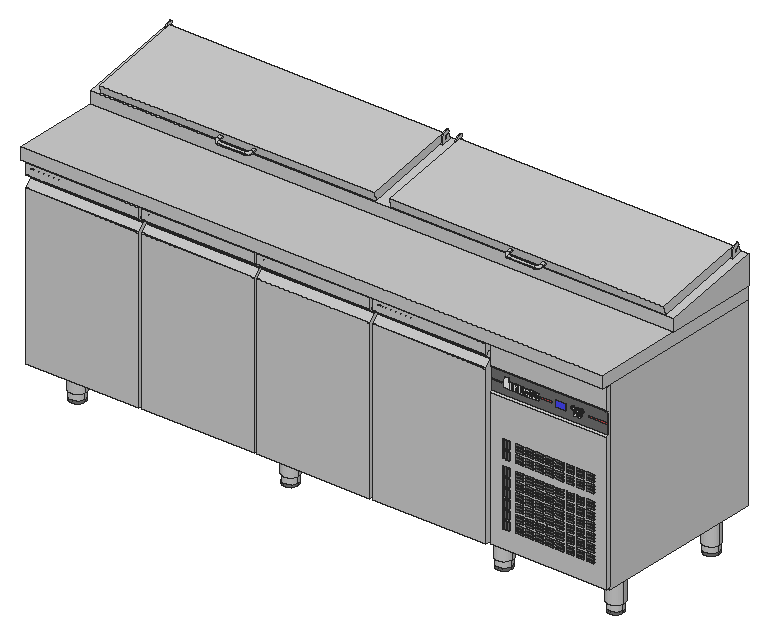
Revit family "QF_INOMAK_ZPZP9999_250612094629", category Specialty Equipment, Revit 2021 (continued)
Definition of nested family "QF_INOMAK_REF_SALADETTE_WORKTOPS_PS_2242_7164"
  Automatic sketch dimensions
    curve 27 to curve 26 = 0.014 mm
    curve 14 to curve 13 = 0.014 mm
    curve 6 to curve 5 = 0.014 mm
    curve 23 to curve 22 = 0.014 mm
    plane 17 "Y" to curve 18 = 69 mm
    curve 19 to curve 22 = 7.345 mm
    curve 20 to plane 17 "Y" = 51.651 mm
    curve 27 to curve 26 = 0.005 mm
    curve 11 to plane 14 "X" = 69 mm
    curve 12 to curve 13 = 7.345 mm
    plane 14 "X" to curve 10 = 51.651 mm
    curve 10 to curve 9 = 0.005 mm
    Extrusion 5 sketch curve to plane 7 "Backsplash thickness" = 5.591 mm
    plane 6 "Top" to Extrusion 5 sketch curve = 128.378 mm
    Extrusion 5 sketch curve to Extrusion 5 sketch curve = 0.178 mm
    Extrusion 5 sketch curve to Extrusion 5 sketch curve = 58.621 mm
    Extrusion 5 sketch curve to Extrusion 5 sketch curve = 335.257 mm
    Extrusion 5 sketch curve to Extrusion 5 sketch curve = 51.167 mm
    plane 1 "Back" to Extrusion 6 sketch curve = 7.598 mm
    plane 6 "Top" to Extrusion 6 sketch curve = 110.586 mm
    Extrusion 6 sketch curve to Extrusion 6 sketch curve = 3.554 mm
    Extrusion 6 sketch curve to Extrusion 6 sketch curve = 1.264 mm
    Extrusion 6 sketch curve to Extrusion 6 sketch curve = 1.777 mm
    Extrusion 6 sketch curve to Extrusion 6 sketch curve = 7.197 mm
    Extrusion 6 sketch curve to Extrusion 6 sketch curve = 7.823 mm
    Extrusion 6 sketch curve to Extrusion 6 sketch curve = 2.645 mm
    Extrusion 6 sketch curve to Extrusion 6 sketch curve = 0.755 mm
    Extrusion 6 sketch curve to Extrusion 6 sketch curve = 2.315 mm  (x2)
    Extrusion 6 sketch curve to Extrusion 6 sketch curve = 3.816 mm
    Extrusion 6 sketch curve to Extrusion 6 sketch curve = 0.611 mm
    Extrusion 6 sketch curve to Extrusion 6 sketch curve = 13.256 mm
    Extrusion 6 sketch curve to Extrusion 6 sketch curve = 6.19 mm
    Extrusion 6 sketch curve to Extrusion 6 sketch curve = 7.323 mm
    Extrusion 6 sketch curve to Extrusion 6 sketch curve = 2.33 mm
    Extrusion 6 sketch curve to Extrusion 6 sketch curve = 6.224 mm
    Extrusion 6 sketch curve to Extrusion 6 sketch curve = 4.347 mm
    Extrusion 6 sketch curve to Extrusion 6 sketch curve = 3.323 mm
    Extrusion 6 sketch curve to Extrusion 6 sketch curve = 7 mm
    Extrusion 6 sketch curve to Extrusion 6 sketch curve = 3.385 mm
    Extrusion 6 sketch curve to Extrusion 6 sketch curve = 0.418 mm
    Extrusion 6 sketch curve to Extrusion 6 sketch curve = 4.182 mm
    Extrusion 6 sketch curve to Extrusion 6 sketch curve = 2.475 mm
    Extrusion 7 sketch curve to plane 7 "Backsplash thickness" = 0.33 mm
    plane 6 "Top" to Extrusion 7 sketch curve = 108.216 mm
    Extrusion 7 sketch curve to Extrusion 7 sketch curve = 5.33 mm
    Extrusion 7 sketch curve to Extrusion 7 sketch curve = 335.08 mm
    Extrusion 7 sketch curve to Extrusion 7 sketch curve = 29.523 mm
    plane 7 "Backsplash thickness" to Extrusion 9 sketch curve = 21.954 mm
    Extrusion 9 sketch curve to plane 6 "Top" = 123.948 mm
    Extrusion 9 sketch curve to Extrusion 9 sketch curve = 13.256 mm
    Extrusion 9 sketch curve to Extrusion 9 sketch curve = 3.146 mm
    Extrusion 9 sketch curve to Extrusion 9 sketch curve = 0.611 mm
    Extrusion 9 sketch curve to Extrusion 9 sketch curve = 3.816 mm
    Extrusion 9 sketch curve to Extrusion 9 sketch curve = 2.315 mm  (x2)
    Extrusion 9 sketch curve to Extrusion 9 sketch curve = 4.487 mm
    Extrusion 9 sketch curve to Extrusion 9 sketch curve = 2.645 mm
    Extrusion 9 sketch curve to Extrusion 9 sketch curve = 6.801 mm
    Extrusion 9 sketch curve to Extrusion 9 sketch curve = 7.823 mm
    Extrusion 9 sketch curve to Extrusion 9 sketch curve = 1.264 mm
    Extrusion 9 sketch curve to Extrusion 9 sketch curve = 10.751 mm
    Extrusion 9 sketch curve to Extrusion 9 sketch curve = 3.894 mm
    Extrusion 9 sketch curve to Extrusion 9 sketch curve = 2.33 mm
    Extrusion 9 sketch curve to Extrusion 9 sketch curve = 9.653 mm
    Extrusion 9 sketch curve to Extrusion 9 sketch curve = 13.513 mm
    Extrusion 9 sketch curve to Extrusion 9 sketch curve = 4.347 mm
    Extrusion 9 sketch curve to Extrusion 9 sketch curve = 3.323 mm
    Extrusion 9 sketch curve to Extrusion 9 sketch curve = 7 mm
    Extrusion 9 sketch curve to Extrusion 9 sketch curve = 3.385 mm
    Extrusion 9 sketch curve to Extrusion 9 sketch curve = 0.418 mm
    Extrusion 9 sketch curve to Extrusion 9 sketch curve = 4.182 mm
    Extrusion 9 sketch curve to Extrusion 9 sketch curve = 2.475 mm
    plane 12 to Extrusion 10 sketch curve = 0.569 mm
    Extrusion 10 sketch curve to plane 6 "Top" = 75.409 mm
    Extrusion 10 sketch curve to Extrusion 10 sketch curve = 276.459 mm
    Extrusion 10 sketch curve to Extrusion 10 sketch curve = 58.621 mm
    Extrusion 10 sketch curve to Extrusion 10 sketch curve = 0.178 mm
    Extrusion 10 sketch curve to Extrusion 10 sketch curve = 51.167 mm
    plane 1 "Back" to Extrusion 11 sketch curve = 7.598 mm
    plane 6 "Top" to Extrusion 11 sketch curve = 110.586 mm
    Extrusion 11 sketch curve to Extrusion 11 sketch curve = 3.554 mm
    Extrusion 11 sketch curve to Extrusion 11 sketch curve = 1.264 mm
    Extrusion 11 sketch curve to Extrusion 11 sketch curve = 1.777 mm
    Extrusion 11 sketch curve to Extrusion 11 sketch curve = 7.197 mm
    Extrusion 11 sketch curve to Extrusion 11 sketch curve = 7.823 mm
    Extrusion 11 sketch curve to Extrusion 11 sketch curve = 2.645 mm
    Extrusion 11 sketch curve to Extrusion 11 sketch curve = 0.755 mm
    Extrusion 11 sketch curve to Extrusion 11 sketch curve = 2.315 mm  (x2)
    Extrusion 11 sketch curve to Extrusion 11 sketch curve = 3.816 mm
    Extrusion 11 sketch curve to Extrusion 11 sketch curve = 0.611 mm
    Extrusion 11 sketch curve to Extrusion 11 sketch curve = 13.256 mm
    Extrusion 11 sketch curve to Extrusion 11 sketch curve = 7.323 mm
    Extrusion 11 sketch curve to Extrusion 11 sketch curve = 2.33 mm
    Extrusion 11 sketch curve to Extrusion 11 sketch curve = 6.224 mm
    Extrusion 11 sketch curve to Extrusion 11 sketch curve = 4.347 mm
    Extrusion 11 sketch curve to Extrusion 11 sketch curve = 3.323 mm
    Extrusion 11 sketch curve to Extrusion 11 sketch curve = 5.682 mm
    Extrusion 11 sketch curve to Extrusion 11 sketch curve = 7 mm
    Extrusion 11 sketch curve to Extrusion 11 sketch curve = 3.385 mm
    Extrusion 11 sketch curve to Extrusion 11 sketch curve = 0.418 mm
    Extrusion 11 sketch curve to Extrusion 11 sketch curve = 4.182 mm
    Extrusion 11 sketch curve to Extrusion 11 sketch curve = 2.475 mm
    Masking region 1 sketch curve to plane 3 "Left" = 0 mm
    Masking region 1 sketch curve to plane 5 "Front" = 0 mm
    plane 1 "Back" to Masking region 1 sketch curve = 0 mm
    Masking region 1 sketch curve to plane 4 "Right" = 0 mm
    profile plane to Sweep 3 sketch curve = 0 mm
    Sweep 3 sketch curve to profile plane = 0 mm
    profile plane to Sweep 8 sketch curve = 0 mm  (x2)
    plane 12 to curve 32 = 2.176 mm
    curve 32 to plane 12 = 37.149 mm
    curve 32 to curve 32 = 7.319 mm
    curve 32 to Sweep 3 sketch curve = 51.518 mm
    Sweep 3 sketch curve to curve 32 = 25 mm
    Sweep 3 sketch curve to curve 32 = 51.518 mm
    Sweep 3 sketch curve to Sweep 3 sketch curve = 0 mm
    Sweep 3 sketch curve to Sweep 3 sketch curve = 12.482 mm
    Sweep 3 sketch curve to Sweep 3 sketch curve = 15 mm  (x2)
    curve 33 to Sweep 8 sketch curve = 51.518 mm
    Sweep 8 sketch curve to curve 33 = 22.594 mm
    Sweep 8 sketch curve to curve 33 = 51.518 mm
    Sweep 8 sketch curve to Sweep 8 sketch curve = 0 mm
    Sweep 8 sketch curve to Sweep 8 sketch curve = 12.482 mm
    Sweep 8 sketch curve to Sweep 8 sketch curve = 15 mm  (x2)
    curve 33 to plane 12 = 2.176 mm
    curve 33 to plane 6 "Top" = 53.784 mm
    plane 12 to curve 33 = 34.783 mm
    curve 33 to curve 33 = 6.879 mm
    radius of Sweep 3 sketch curve = 5 mm
    radius of Sweep 8 sketch curve = 5 mm
  Nested families
    nested 1: "Worktop" at (0, 0, 0), Length Actual <- "Length Actual", Depth Actual <- "Depth Actual", Height AFF <- "Height AFF", Worktop thickness <- "Worktop thickness", type "without backsplash"
      with Worktop thickness 46 mm, Length Actual 2242 mm, Height AFF 0 mm, Depth Actual 700 mm, Backsplash thickness 20 mm, Backsplash height 0 mm
  Definition of nested family "Worktop"
    Parameters (values of type "without backsplash")
      Worktop without backsplash = yes
      Worktop with backsplash = no
      Worktop thickness [instance] = 40 mm
      Without worktop = no
      URL = ""
      Model = ""
      Manufacturer = ""
      Length Actual [instance] = 1200 mm
      Height AFF [instance] = 860 mm
      Finish = none
      Description = "TABLE WITH BACKSPLASH"
      Depth Actual [instance] = 700 mm
      Default Elevation = 0 mm
      Backsplash thickness [instance] = 20 mm
      Backsplash height [instance] = 100 mm
      Assembly Code = "E1090320"
    Reference planes
      plane 1 "Back": y = 0
      plane 2: z = 0
      plane 3 "Left": x = 0
      plane 4 "Right": x = 1200
      plane 5 "Front": y = -700
      plane 6 "Top": z = 900
      plane 7 "Backsplash thickness": y = -20
      plane 8 "Worktop bottom": z = 860
      plane 9 "Upright height": z = 1000
      plane 10 "Center Left Right": x = 600
    Forms (mm)
      Extrusion 1, solid, material <- "Finish", visible <- "Worktop with backsplash"
        sketch origin (0, 0, 0) x (0, 1, 0) y (0, 0, 1)
          loop
            line (0, 1000) -> (-20, 1000) -> (-20, 910)
            arc (-20, 910) -> (-22.929, 902.929) -> (-30, 900) r 10
            line (-30, 900) -> (-700, 900) -> (-700, 860) -> (0, 860) -> (0, 1000)
        from 0 to 1200
      Extrusion 2, solid, material <- "Finish", visible <- "Worktop without backsplash"
        sketch origin (0, 0, 0) x (0, 1, 0) y (0, 0, 1)
          loop
            line (0, 860) -> (0, 900) -> (-700, 900) -> (-700, 860) -> (0, 860)
        from 0 to 1200
    Lines and regions (mm)
      Masking region 1, visible <- "Worktop with backsplash"
        outline origin (0, 0, 900) x (0, 1, 0) y (-1, 0, 0)
          loop
            line (0, 0) -> (-700, 0) -> (-700, -1200) -> (0, -1200) -> (0, 0)
      Masking region 2, visible <- "Worktop without backsplash"
        outline origin (0, 0, 900) x (0, 1, 0) y (-1, 0, 0)
          loop
            line (0, 0) -> (-700, 0) -> (-700, -1200) -> (0, -1200) -> (0, 0)
      symbolic lines, visible <- "Worktop with backsplash"
        curve 1: line (0, 0, 0) -> (1200, 0, 0)
        curve 2: line (1200, 0, 0) -> (1200, -700, 0)
        curve 3: line (1200, -700, 0) -> (0, -700, 0)
        curve 4: line (0, -700, 0) -> (0, 0, 0)
        curve 5: line (0, -20, 0) -> (1200, -20, 0)
      symbolic lines, visible <- "Worktop without backsplash"
        curve 6: line (0, 0, 0) -> (1200, 0, 0)
        curve 7: line (1200, 0, 0) -> (1200, -700, 0)
        curve 8: line (1200, -700, 0) -> (0, -700, 0)
        curve 9: line (0, -700, 0) -> (0, 0, 0)
      symbolic lines, visible <- "Without worktop"
        curve 10: line (0, 0, 0) -> (1200, 0, 0)
        curve 11: line (1200, 0, 0) -> (1200, -700, 0)
        curve 12: line (1200, -700, 0) -> (0, -700, 0)
        curve 13: line (0, -700, 0) -> (0, 0, 0)
      reference lines
        curve 14: line (600, 0, 1000) -> (600, -20, 1000)
        curve 15: line (0, -700, 900) -> (1200, -700, 900)
        curve 16: line (1200, -700, 900) -> (1200, 0, 900)
        curve 17: line (0, -700, 900) -> (0, 0, 900)
        curve 18: line (0, 0, 900) -> (1200, 0, 900)
        curve 19: line (600, 0, 860) -> (600, -700, 860)
    Dimensions and locks
      "Length Actual": plane 3 "Left" to plane 4 "Right"
      "Depth Actual": plane 5 "Front" to plane 1 "Back"
      "Backsplash thickness": plane 7 "Backsplash thickness" to plane 1 "Back"
      "Worktop thickness": plane 6 "Top" to plane 8 "Worktop bottom"
      "Backsplash height": plane 9 "Upright height" to plane 6 "Top"
      "Backsplash height": curve 14 to plane 6 "Top"
      "Depth Actual": curve 15 to plane 1 "Back"
      "Length Actual": plane 3 "Left" to curve 16
      "Length Actual": curve 17 to plane 4 "Right"
      "Depth Actual": curve 18 to plane 5 "Front"
      equal spacing: plane 3 "Left", plane 10 "Center Left Right", plane 4 "Right"
      "Height AFF": plane 8 "Worktop bottom" to plane 2
      "Height AFF": curve 19 to plane 2
      aligned and locked: level to plane 2
      aligned and locked: Extrusion 1 to plane 4 "Right"
      aligned and locked: Extrusion 1 sketch curve to plane 7 "Backsplash thickness"
      aligned and locked: curve 5 to plane 7 "Backsplash thickness"
      aligned and locked: Extrusion 1 sketch curve to plane 8 "Worktop bottom"
      aligned and locked: plane 9 "Upright height" to Extrusion 1 sketch curve
      aligned and locked: plane 6 "Top" to Extrusion 1 sketch curve
      aligned and locked: plane 6 "Top" to Extrusion 2 sketch curve
      aligned and locked: Extrusion 2 sketch curve to plane 1 "Back"
      aligned and locked: Extrusion 2 sketch curve to plane 8 "Worktop bottom"
      aligned and locked: Extrusion 2 sketch curve to plane 5 "Front"
      aligned and locked: Extrusion 2 to plane 4 "Right"
      aligned and locked: Masking region 1 sketch curve to Extrusion 1  (x4)
      aligned and locked: Masking region 2 sketch curve to Extrusion 1  (x4)
    Automatic sketch dimensions
      plane 1 "Back" to curve 1 = 0 mm
      curve 13 to plane 3 "Left" = 0 mm
      curve 7 to plane 4 "Right" = 0 mm
      curve 13 to plane 5 "Front" = 0 mm
      Extrusion 1 sketch curve to plane 1 "Back" = 0 mm
      Extrusion 1 sketch curve to Extrusion 1 sketch curve = 10 mm
      Extrusion 1 sketch curve to plane 5 "Front" = 0 mm
      curve 19 to plane 1 "Back" = 0 mm
      curve 14 to plane 1 "Back" = 0 mm
      curve 14 to plane 7 "Backsplash thickness" = 0 mm
      curve 19 to plane 5 "Front" = 0 mm
      curve 16 to plane 5 "Front" = 0 mm
      curve 17 to plane 5 "Front" = 0 mm
      plane 1 "Back" to curve 17 = 0 mm
      plane 1 "Back" to curve 16 = 0 mm
      curve 15 to plane 4 "Right" = 0 mm
      curve 18 to plane 4 "Right" = 0 mm
      curve 18 to plane 3 "Left" = 0 mm
      curve 15 to plane 3 "Left" = 0 mm
Definition of nested family "QF_INOMAK_REF_COUNTERS_LEGS_9302"
  Parameters (values of type "LG-1790-700")
    Weight [instance] = 0.00 kg
    Warranty Start Date [instance] = ""
    Warranty Duration [instance] = ""
    URL Cutsheet [instance] = ""
    URL = "www.inomak.com"
    Technical Documentation [instance] = ""
    Tag Number [instance] = ""
    Status [instance] = ""
    Specification by User [instance] = ""
    Specification by Manufacturer [instance] = ""
    Sound Level [instance] = ""
    Solid Fuel Type [instance] = ""
    Show Logo [instance] = yes
    Show Clearances [instance] = yes
    Service Life Duration [instance] = ""
    Serial Number [instance] = ""
    Seismic Rating [instance] = ""
    SMACNA No [instance] = ""
    Revision Code [instance] = ""
    Revision [instance] = ""
    Production Year [instance] = ""
    Point Load [instance] = 0
    Other Equipment Approvals [instance] = ""
    NAFEM Spec ID Number [instance] = ""
    Model Warning [instance] = ""
    Model = "LG"
    Masterspec [instance] = ""
    Manufacturer = "INOMAK"
    Length Actual [instance] = 1792 mm
    Legs inset right [instance] = 70 mm
    Legs inset rear [instance] = 90 mm
    Legs inset left [instance] = 100 mm
    Legs inset front [instance] = 150 mm
    Item Number [instance] = ""
    Installed By [instance] = ""
    Installation Date [instance] = ""
    Identify Quantity as Lot [instance] = yes
    ID [instance] = ""
    Hygiene Approval [instance] = ""
    Height Actual [instance] = 144 mm
    Furnished By [instance] = ""
    Foodservice Equipment Identifier [instance] = yes
    ETL Approved [instance] = yes
    Description = "STANDARD LEGS"
    Depth Actual [instance] = 700 mm
    Default Elevation = 0 mm
    CentralLegs [instance] = if(Length Actual > 2000 mm, 2 > 1, 2 < 1)  # no
    CSI MasterFormat [instance] = ""
    CE Approved [instance] = yes
    Barcode [instance] = ""
    Author [instance] = ""
    Asset Identifier [instance] = ""
    Assembly Code = "E1090320"
    Accessory [instance] = yes
  Types (8, lengths in mm): name | Length Actual | Height Actual | Depth Actual | CentralLegs
    LG-2240-700 | 2242 | 144 | 700 | yes
    LG-1790-700 | 1792 | 144 | 700 | no
    LG-1345-700 | 1342 | 144 | 700 | no
    LG-1345-600 | 1342 | 144 | 600 | no
    LG-1790-600 | 1792 | 144 | 600 | no
    LG-2240-600 | 2242 | 144 | 600 | yes
    LG-1790-700-BC | 1792 | 115 | 700 | no
    LG-2240-700-BC | 2242 | 115 | 700 | yes
  Reference planes
    plane 1 "Back": y = 0
    plane 2: z = 0
    plane 3 "Left": x = 0
    plane 4 "Right": x = 1792
    plane 5 "Front": y = -700
    plane 6 "Top": z = 144
    plane 7 "Left offset": x = 100
    plane 8 "Right offset": x = 1722
    plane 9 "Rear offset": y = -90
    plane 10 "Front offset": y = -550
    plane 11 "Central": x = 696
    plane 12: x = 1292
  Dimensions and locks
    "Length Actual": plane 3 "Left" to plane 4 "Right"
    "Depth Actual": plane 5 "Front" to plane 1 "Back"
    "Legs inset left": plane 3 "Left" to plane 7 "Left offset"
    "Legs inset right": plane 8 "Right offset" to plane 4 "Right"
    "Legs inset rear": plane 9 "Rear offset" to plane 1 "Back"
    "Legs inset front": plane 10 "Front offset" to plane 5 "Front"
    "Height Actual": plane 6 "Top" to plane 2
    equal spacing: plane 12, plane 11 "Central", plane 7 "Left offset"
    locked: plane 12 to plane 8 "Right offset" at 430
    aligned and locked: level to plane 2
    aligned and locked: nested 6 to plane 11 "Central"
    aligned and locked: nested 6 to plane 10 "Front offset"
    aligned and locked: nested 7 to plane 7 "Left offset"
    aligned and locked: nested 7 to plane 10 "Front offset"
    aligned and locked: nested 5 to plane 12
    aligned and locked: nested 5 to plane 10 "Front offset"
    aligned and locked: nested 4 to plane 8 "Right offset"
    aligned and locked: nested 4 to plane 10 "Front offset"
    aligned and locked: nested 1 to plane 7 "Left offset"
    aligned and locked: nested 1 to plane 9 "Rear offset"
    aligned and locked: nested 2 to plane 12
    aligned and locked: nested 2 to plane 9 "Rear offset"
    aligned and locked: nested 3 to plane 8 "Right offset"
    aligned and locked: nested 3 to plane 9 "Rear offset"
  Nested families
    nested 1: "QF_INOMAK_LEG" at (100, -90, 0), type "QF_INOMAK_LEG"
      with Height 144 mm
    nested 2: "QF_INOMAK_LEG" at (1292, -90, 0), type "QF_INOMAK_LEG"
      with Height 144 mm
    nested 3: "QF_INOMAK_LEG" at (1722, -90, 0), type "QF_INOMAK_LEG"
      with Height 144 mm
    nested 4: "QF_INOMAK_LEG" at (1722, -550, 0), type "QF_INOMAK_LEG"
      with Height 144 mm
    nested 5: "QF_INOMAK_LEG" at (1292, -550, 0), type "QF_INOMAK_LEG"
      with Height 144 mm
    nested 6: "QF_INOMAK_LEG" at (696, -550, 0), visible <- "CentralLegs", type "QF_INOMAK_LEG"
      with Height 144 mm
    nested 7: "QF_INOMAK_LEG" at (100, -550, 0), type "QF_INOMAK_LEG"
      with Height 144 mm
  Definition of nested family "QF_INOMAK_LEG"
    Parameters (values of type "QF_INOMAK_LEG")
      Height = 115 mm
      Default Elevation = 0 mm
    Reference planes
      plane 1 "Center (Front/Back)": y = 0
      plane 2: z = 0
      plane 3 "Center (Left/Right)": x = 0
      plane 4 "Top": z = 115
    Forms (mm)
      Extrusion 1, solid
        sketch origin (0, 0, 115) x (0, 1, 0) y (-1, 0, 0)
          loop
            line (50, 45) -> (-50, 45) -> (-50, -45) -> (50, -45) -> (50, 45)
        from 0 to -3
      Extrusion 2, solid
        sketch origin (-199.986, 580, 0) x (1, 0, 0) y (0, 1, 0)
          loop
            circle (199.986, -580) r 28
        from 9 to 35
      Extrusion 3, solid
        sketch origin (-199.986, 580, 0) x (1, 0, 0) y (0, 1, 0)
          loop
            circle (199.986, -580) r 28.5
        from 0 to 9
      Sweep 4, solid
        path origin (0, 0, 0) x (0, 1, 0) y (0, 0, 1)
          loop
            line (0, 112) -> (0, 35)
        profile origin (0, 0, 73.5) x (1, 0, 0) y (0, 1, 0)
          loop
            circle (0, 0) r 32
    Dimensions and locks
      "Height": plane 4 "Top" to plane 2
      aligned and locked: level to plane 2
    Automatic sketch dimensions
      plane 1 "Center (Front/Back)" to Extrusion 1 sketch curve = 50 mm
      Extrusion 1 sketch curve to plane 1 "Center (Front/Back)" = 50 mm
      plane 3 "Center (Left/Right)" to Extrusion 1 sketch curve = 45 mm
      Extrusion 1 sketch curve to plane 3 "Center (Left/Right)" = 45 mm
      plane 1 "Center (Front/Back)" to Extrusion 2 sketch curve = 0 mm
      Extrusion 2 sketch curve to plane 3 "Center (Left/Right)" = 0 mm
      plane 1 "Center (Front/Back)" to Extrusion 3 sketch curve = 0 mm
      Extrusion 3 sketch curve to plane 3 "Center (Left/Right)" = 0 mm
      Sweep 4 sketch curve to plane 1 "Center (Front/Back)" = 0 mm
      level to Sweep 4 sketch curve = 35 mm
      Sweep 4 sketch curve to plane 4 "Top" = 3 mm
      Sweep 4 sketch curve to plane 3 "Center (Left/Right)" = 0 mm
      profile plane to Sweep 4 sketch curve = 0 mm
      radius of Extrusion 2 sketch curve = 28 mm
      radius of Extrusion 3 sketch curve = 28.5 mm
      radius of Sweep 4 sketch curve = 32 mm
Definition of nested family "CONN_POINT_ELE_2D___Generic_Annotation"
  Parameters (values of type "CONN_POINT_ELE_2D___Generic_Annotation")
    Onboard connection annotation symbol visibility [instance] = yes
  Reference planes
    plane 1: y = 0
    plane 2: x = 0
  Lines and regions (mm)
    detail lines, visible <- "Onboard connection annotation symbol visibility"
      curve 1: circle (0, 0, 0) r 0.5 normal (0, 0, 1)
      curve 2: line (-1, 0, 0) -> (1, 0, 0)
      curve 3: line (0, 1, 0) -> (0, -1, 0)
      curve 4: line (2.5, 1, 0) -> (1.25, 1, 0)
      curve 5: line (1.25, 1, 0) -> (1.25, -1, 0)
      curve 6: line (1.25, -1, 0) -> (2.5, -1, 0)
      curve 7: line (1.25, 0, 0) -> (2, 0, 0)
